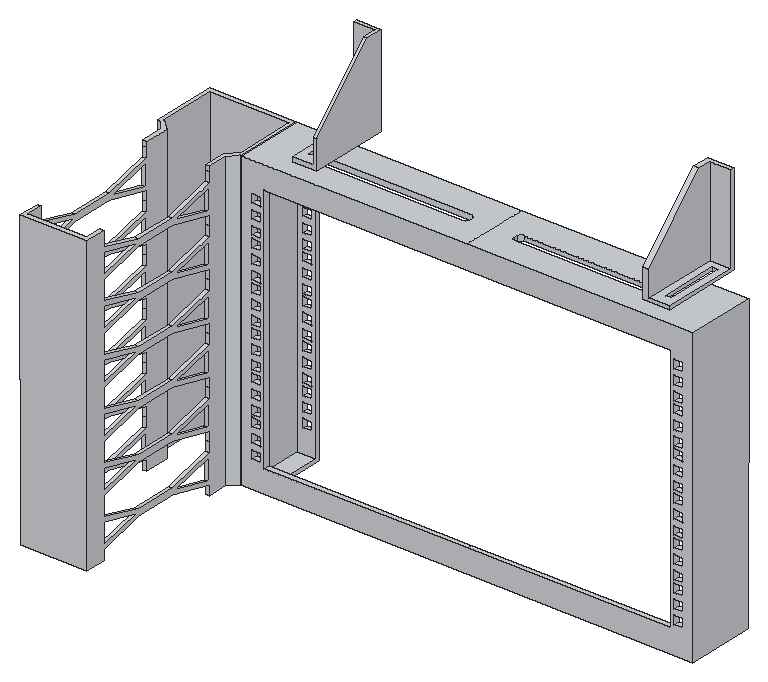
Revit family
Parameters
  Material ID = "760169599"
  Description = "KIT, OVERHEAD RACK/VCM, 6U"
Reference planes (in)
  plane 1 "Center (Front/Back)": y = 0
  plane 2: z = 0
  plane 3 "Center (Left/Right)": x = 0
Forms (in)
  Extrusion 1, solid
    sketch origin (0, 0, 0) x (1, 0, 0) y (0, 0, 1)
      loop
        line (0, 0) -> (9.86, 0) -> (9.86, 12.88) -> (0, 12.88) -> (-9.86, 12.88) -> (-9.86, 0) -> (0, 0)
    from 0 to 3
  Extrusion 2, void
    sketch origin (0, 0, 0) x (1, 0, 0) y (0, 0, 1)
      loop
        line (0, 1) -> (8.86, 1) -> (8.86, 11.88) -> (0, 11.88) -> (-8.86, 11.88) -> (-8.86, 1) -> (0, 1)
    from -0.9625 to 4.16549
  Extrusion 3, void
    sketch origin (0, 0, 0) x (1, 0, 0) y (0, 0, 1)
      loop
        line (-9.65585, 12.65788) -> (-9.65585, 0.15788) -> (9.70645, 0.15788) -> (9.70645, 12.65788) -> (-9.65585, 12.65788)
    from 0.20146 to 2.73683
  Extrusion 4, void
    sketch origin (0, 0, 0) x (1, 0, 0) y (0, 0, 1)
      loop
        line (-9.3967, 1.18363) -> (-9.0167, 1.18363) -> (-9.0167, 1.56363) -> (-9.3967, 1.56363) -> (-9.3967, 1.18363)
      loop
        line (-9.3967, 1.81363) -> (-9.0167, 1.81363) -> (-9.0167, 2.19363) -> (-9.3967, 2.19363) -> (-9.3967, 1.81363)
      loop
        line (-9.3967, 2.44363) -> (-9.0167, 2.44363) -> (-9.0167, 2.82363) -> (-9.3967, 2.82363) -> (-9.3967, 2.44363)
      loop
        line (9.3967, 1.18363) -> (9.3967, 1.56363) -> (9.0167, 1.56363) -> (9.0167, 1.18363) -> (9.3967, 1.18363)
      loop
        line (9.3967, 1.81363) -> (9.3967, 2.19363) -> (9.0167, 2.19363) -> (9.0167, 1.81363) -> (9.3967, 1.81363)
      loop
        line (9.3967, 2.44363) -> (9.3967, 2.82363) -> (9.0167, 2.82363) -> (9.0167, 2.44363) -> (9.3967, 2.44363)
    from -2.26418 to 4.16549
  Extrusion 5, void
    sketch origin (0, 0, 1.75) x (1, 0, 0) y (0, 0, 1)
      loop
        line (-9.3967, 1.18363) -> (-9.0167, 1.18363) -> (-9.0167, 1.56363) -> (-9.3967, 1.56363) -> (-9.3967, 1.18363)
      loop
        line (-9.3967, 1.81363) -> (-9.0167, 1.81363) -> (-9.0167, 2.19363) -> (-9.3967, 2.19363) -> (-9.3967, 1.81363)
      loop
        line (-9.3967, 2.44363) -> (-9.0167, 2.44363) -> (-9.0167, 2.82363) -> (-9.3967, 2.82363) -> (-9.3967, 2.44363)
      loop
        line (9.3967, 1.18363) -> (9.3967, 1.56363) -> (9.0167, 1.56363) -> (9.0167, 1.18363) -> (9.3967, 1.18363)
      loop
        line (9.3967, 1.81363) -> (9.3967, 2.19363) -> (9.0167, 2.19363) -> (9.0167, 1.81363) -> (9.3967, 1.81363)
      loop
        line (9.3967, 2.44363) -> (9.3967, 2.82363) -> (9.0167, 2.82363) -> (9.0167, 2.44363) -> (9.3967, 2.44363)
    from -2.26418 to 4.16549
  Extrusion 6, void
    sketch origin (0, 0, 3.5) x (1, 0, 0) y (0, 0, 1)
      loop
        line (-9.3967, 1.18363) -> (-9.0167, 1.18363) -> (-9.0167, 1.56363) -> (-9.3967, 1.56363) -> (-9.3967, 1.18363)
      loop
        line (-9.3967, 1.81363) -> (-9.0167, 1.81363) -> (-9.0167, 2.19363) -> (-9.3967, 2.19363) -> (-9.3967, 1.81363)
      loop
        line (-9.3967, 2.44363) -> (-9.0167, 2.44363) -> (-9.0167, 2.82363) -> (-9.3967, 2.82363) -> (-9.3967, 2.44363)
      loop
        line (9.3967, 1.18363) -> (9.3967, 1.56363) -> (9.0167, 1.56363) -> (9.0167, 1.18363) -> (9.3967, 1.18363)
      loop
        line (9.3967, 1.81363) -> (9.3967, 2.19363) -> (9.0167, 2.19363) -> (9.0167, 1.81363) -> (9.3967, 1.81363)
      loop
        line (9.3967, 2.44363) -> (9.3967, 2.82363) -> (9.0167, 2.82363) -> (9.0167, 2.44363) -> (9.3967, 2.44363)
    from -2.26418 to 4.16549
  Extrusion 7, void
    sketch origin (0, 0, 5.25) x (1, 0, 0) y (0, 0, 1)
      loop
        line (-9.3967, 1.18363) -> (-9.0167, 1.18363) -> (-9.0167, 1.56363) -> (-9.3967, 1.56363) -> (-9.3967, 1.18363)
      loop
        line (-9.3967, 1.81363) -> (-9.0167, 1.81363) -> (-9.0167, 2.19363) -> (-9.3967, 2.19363) -> (-9.3967, 1.81363)
      loop
        line (-9.3967, 2.44363) -> (-9.0167, 2.44363) -> (-9.0167, 2.82363) -> (-9.3967, 2.82363) -> (-9.3967, 2.44363)
      loop
        line (9.3967, 1.18363) -> (9.3967, 1.56363) -> (9.0167, 1.56363) -> (9.0167, 1.18363) -> (9.3967, 1.18363)
      loop
        line (9.3967, 1.81363) -> (9.3967, 2.19363) -> (9.0167, 2.19363) -> (9.0167, 1.81363) -> (9.3967, 1.81363)
      loop
        line (9.3967, 2.44363) -> (9.3967, 2.82363) -> (9.0167, 2.82363) -> (9.0167, 2.44363) -> (9.3967, 2.44363)
    from -2.26418 to 4.16549
  Extrusion 8, void
    sketch origin (0, 0, 7) x (1, 0, 0) y (0, 0, 1)
      loop
        line (-9.3967, 1.18363) -> (-9.0167, 1.18363) -> (-9.0167, 1.56363) -> (-9.3967, 1.56363) -> (-9.3967, 1.18363)
      loop
        line (-9.3967, 1.81363) -> (-9.0167, 1.81363) -> (-9.0167, 2.19363) -> (-9.3967, 2.19363) -> (-9.3967, 1.81363)
      loop
        line (-9.3967, 2.44363) -> (-9.0167, 2.44363) -> (-9.0167, 2.82363) -> (-9.3967, 2.82363) -> (-9.3967, 2.44363)
      loop
        line (9.3967, 1.18363) -> (9.3967, 1.56363) -> (9.0167, 1.56363) -> (9.0167, 1.18363) -> (9.3967, 1.18363)
      loop
        line (9.3967, 1.81363) -> (9.3967, 2.19363) -> (9.0167, 2.19363) -> (9.0167, 1.81363) -> (9.3967, 1.81363)
      loop
        line (9.3967, 2.44363) -> (9.3967, 2.82363) -> (9.0167, 2.82363) -> (9.0167, 2.44363) -> (9.3967, 2.44363)
    from -2.26418 to 4.16549
  Extrusion 9, void
    sketch origin (0, 0, 8.75) x (1, 0, 0) y (0, 0, 1)
      loop
        line (-9.3967, 1.18363) -> (-9.0167, 1.18363) -> (-9.0167, 1.56363) -> (-9.3967, 1.56363) -> (-9.3967, 1.18363)
      loop
        line (-9.3967, 1.81363) -> (-9.0167, 1.81363) -> (-9.0167, 2.19363) -> (-9.3967, 2.19363) -> (-9.3967, 1.81363)
      loop
        line (-9.3967, 2.44363) -> (-9.0167, 2.44363) -> (-9.0167, 2.82363) -> (-9.3967, 2.82363) -> (-9.3967, 2.44363)
      loop
        line (9.3967, 1.18363) -> (9.3967, 1.56363) -> (9.0167, 1.56363) -> (9.0167, 1.18363) -> (9.3967, 1.18363)
      loop
        line (9.3967, 1.81363) -> (9.3967, 2.19363) -> (9.0167, 2.19363) -> (9.0167, 1.81363) -> (9.3967, 1.81363)
      loop
        line (9.3967, 2.44363) -> (9.3967, 2.82363) -> (9.0167, 2.82363) -> (9.0167, 2.44363) -> (9.3967, 2.44363)
    from -2.26418 to 4.16549
  Extrusion 10, void
    sketch origin (0, 0, 0) x (1, 0, 0) y (0, 1, 0)
      loop
        line (-8.86, 1) -> (-8.86, -2.5) -> (8.86, -2.5) -> (8.86, 1) -> (-8.86, 1)
    from 0 to 5.49301
  Extrusion 11, void
    sketch origin (9.86, 0, 12.88) x (0, -1, 0) y (-1, 0, 0)
      loop
        arc (1.81848, 17.8975) -> (1.76529, 18.02591) -> (1.63689, 18.0791) r 0.18159
        line (1.63689, 18.0791) -> (1.50791, 18.0791)
        arc (1.50791, 18.0791) -> (1.37396, 18.02361) -> (1.31848, 17.88966) r 0.18943
        line (1.31848, 17.88966) -> (1.31848, 10.99848)
        arc (1.31848, 10.99848) -> (1.36809, 10.87871) -> (1.48786, 10.8291) r 0.16938
        line (1.48786, 10.8291) -> (1.65329, 10.8291)
        arc (1.65329, 10.8291) -> (1.7701, 10.87748) -> (1.81848, 10.99429) r 0.16519
        line (1.81848, 10.99429) -> (1.81848, 17.8975)
    from 0 to 4.31637
  Extrusion 12, void
    sketch origin (-9.86, 0, 12.88) x (0, 1, 0) y (1, 0, 0)
      loop
        line (-1.81848, 17.8975) -> (-1.81848, 10.99429)
        arc (-1.81848, 10.99429) -> (-1.7701, 10.87748) -> (-1.65329, 10.8291) r 0.16519
        line (-1.65329, 10.8291) -> (-1.48786, 10.8291)
        arc (-1.48786, 10.8291) -> (-1.36809, 10.87871) -> (-1.31848, 10.99848) r 0.16938
        line (-1.31848, 10.99848) -> (-1.31848, 17.88966)
        arc (-1.31848, 17.88966) -> (-1.37396, 18.02361) -> (-1.50791, 18.0791) r 0.18943
        line (-1.50791, 18.0791) -> (-1.63689, 18.0791)
        arc (-1.63689, 18.0791) -> (-1.76529, 18.02591) -> (-1.81848, 17.8975) r 0.18159
    from 0 to 4.31637
  Extrusion 13, solid
    sketch origin (0, 0, 0) x (0, 1, 0) y (0, 0, 1)
      loop
        line (-2.23683, 12.88) -> (1.26317, 12.88) -> (1.26317, 16.88) -> (0.51317, 16.88) -> (-2.23683, 14.13) -> (-2.23683, 12.88)
    from -8.2191 to 8.2191
  Extrusion 14, void
    sketch origin (0, 0, 0) x (1, 0, 0) y (0, 0, 1)
      loop
        line (-7.18377, 12.88) -> (7.06623, 12.88) -> (7.06623, 17.88) -> (-7.18377, 17.88) -> (-7.18377, 12.88)
    from -4.76144 to 6.18788
  Extrusion 15, void
    sketch origin (9.86, 0, 12.88) x (0, -1, 0) y (-1, 0, 0)
      loop
        line (2.23683, 18.0791) -> (-1.10015, 18.0791) -> (-1.10015, 17.16957) -> (2.23683, 17.16957) -> (2.23683, 18.0791)
    from -0.2041 to -5.69754
  Extrusion 16, void
    sketch origin (-9.86, 0, 12.88) x (0, 1, 0) y (1, 0, 0)
      loop
        line (-2.23683, 18.0791) -> (-2.23683, 17.16957) -> (1.10015, 17.16957) -> (1.10015, 18.0791) -> (-2.23683, 18.0791)
    from -0.13877 to -5.69754
  Extrusion 17, void
    sketch origin (9.86, 0, 12.88) x (0, -1, 0) y (-1, 0, 0)
      loop
        line (1.74171, 17.76349) -> (-0.75829, 17.76349) -> (-0.75829, 17.51349) -> (1.74171, 17.51349) -> (1.74171, 17.76349)
    from 0 to -2.34506
  Extrusion 18, void
    sketch origin (-9.86, 0, 12.88) x (0, 1, 0) y (1, 0, 0)
      loop
        line (-1.74171, 17.76349) -> (-1.74171, 17.51349) -> (0.75829, 17.51349) -> (0.75829, 17.76349) -> (-1.74171, 17.76349)
    from 0 to -2.34506
  Extrusion 19, solid
    sketch origin (0, 0, 0) x (1, 0, 0) y (0, 0, 1)
      loop
        line (-9.86, 12.88) -> (-13.64, 12.88) -> (-13.64, 0) -> (-9.86, 0) -> (-9.86, 12.88)
    from 0 to 10.93
  Extrusion 20, void
    sketch origin (-7.86668, 0, 12.88) x (0, -1, 0) y (-1, 0, 0)
      loop
        line (0.2129, 5.58022) -> (0.2129, 2.13332) -> (2.75, 2.13332) -> (3.26705, 2.55538) -> (10.7129, 2.55538) -> (10.7129, 5.12809) -> (3.16503, 5.12809) -> (2.7129, 5.58022) -> (0.2129, 5.58022)
      loop
        line (3, 2.06431) -> (3, 1.38344) -> (11.39095, 1.38344) -> (11.39095, 2.38344) -> (3.39095, 2.38344) -> (3, 2.06431)
      loop
        line (2.85062, 5.60641) -> (3.24157, 5.28729) -> (11.24157, 5.28729) -> (11.24157, 6.28729) -> (2.85062, 6.28729) -> (2.85062, 5.60641)
    from 0 to 13.96951
  Extrusion 21, void
    sketch origin (-10.25012, -3.39095, 12.88) x (0, 1, 0) y (0, 0, -1)
      loop
        line (-6.60905, 12.88) -> (-6.60905, 12.46736) -> (-4.72512, 11.95356) -> (-2.86788, 11.95356) -> (-0.85905, 12.45577) -> (-0.85905, 12.88) -> (-6.60905, 12.88)
      loop
        line (-2.7197, 11.83605) -> (-0.88944, 11.37848) -> (-0.88944, 12.29361) -> (-2.7197, 11.83605)
      loop
        line (-4.77878, 11.83367) -> (-6.60905, 12.29124) -> (-6.60905, 11.3761) -> (-4.77878, 11.83367)
      loop
        line (-6.60905, 10.76882) -> (-6.60905, 10.35618) -> (-4.72512, 9.84238) -> (-2.86788, 9.84238) -> (-0.85905, 10.34459) -> (-0.85905, 10.76882) -> (-0.85905, 11.19306) -> (-2.86788, 11.69526) -> (-4.72512, 11.69526) -> (-6.60905, 11.18146) -> (-6.60905, 10.76882)
      loop
        line (-2.7197, 9.72487) -> (-0.88944, 9.2673) -> (-0.88944, 10.18244) -> (-2.7197, 9.72487)
      loop
        line (-4.77878, 9.72249) -> (-6.60905, 10.18006) -> (-6.60905, 9.26492) -> (-4.77878, 9.72249)
      loop
        line (-6.60905, 8.65764) -> (-6.60905, 8.245) -> (-4.72512, 7.7312) -> (-2.86788, 7.7312) -> (-0.85905, 8.23341) -> (-0.85905, 8.65764) -> (-0.85905, 9.08188) -> (-2.86788, 9.58408) -> (-4.72512, 9.58408) -> (-6.60905, 9.07029) -> (-6.60905, 8.65764)
      loop
        line (-2.7197, 7.61369) -> (-0.88944, 7.15612) -> (-0.88944, 8.07126) -> (-2.7197, 7.61369)
      loop
        line (-4.77878, 7.61131) -> (-6.60905, 8.06888) -> (-6.60905, 7.15375) -> (-4.77878, 7.61131)
      loop
        line (-6.60905, 6.54646) -> (-6.60905, 6.13382) -> (-4.72512, 5.62002) -> (-2.86788, 5.62002) -> (-0.85905, 6.12223) -> (-0.85905, 6.54646) -> (-0.85905, 6.9707) -> (-2.86788, 7.47291) -> (-4.72512, 7.47291) -> (-6.60905, 6.95911) -> (-6.60905, 6.54646)
      loop
        line (-2.7197, 5.50251) -> (-0.88944, 5.04495) -> (-0.88944, 5.96008) -> (-2.7197, 5.50251)
      loop
        line (-4.77878, 5.50013) -> (-6.60905, 5.9577) -> (-6.60905, 5.04257) -> (-4.77878, 5.50013)
      loop
        line (-6.60905, 4.43528) -> (-6.60905, 4.02264) -> (-4.72512, 3.50884) -> (-2.86788, 3.50884) -> (-0.85905, 4.01105) -> (-0.85905, 4.43528) -> (-0.85905, 4.85952) -> (-2.86788, 5.36173) -> (-4.72512, 5.36173) -> (-6.60905, 4.84793) -> (-6.60905, 4.43528)
      loop
        line (-2.7197, 3.39133) -> (-0.88944, 2.93377) -> (-0.88944, 3.8489) -> (-2.7197, 3.39133)
      loop
        line (-4.77878, 3.38895) -> (-6.60905, 3.84652) -> (-6.60905, 2.93139) -> (-4.77878, 3.38895)
      loop
        line (-6.60905, 2.32411) -> (-6.60905, 1.91146) -> (-4.72512, 1.39766) -> (-2.86788, 1.39766) -> (-0.85905, 1.89987) -> (-0.85905, 2.32411) -> (-0.85905, 2.74834) -> (-2.86788, 3.25055) -> (-4.72512, 3.25055) -> (-6.60905, 2.73675) -> (-6.60905, 2.32411)
      loop
        line (-2.7197, 1.28015) -> (-0.88944, 0.82259) -> (-0.88944, 1.73772) -> (-2.7197, 1.28015)
      loop
        line (-4.77878, 1.27778) -> (-6.60905, 1.73534) -> (-6.60905, 0.82021) -> (-4.77878, 1.27778)
      loop
        line (-6.60905, 0.21293) -> (-6.60905, -0.19972) -> (-4.72512, -0.71351) -> (-2.86788, -0.71351) -> (-0.85905, -0.21131) -> (-0.85905, 0.21293) -> (-0.85905, 0.63716) -> (-2.86788, 1.13937) -> (-4.72512, 1.13937) -> (-6.60905, 0.62557) -> (-6.60905, 0.21293)
    from 0 to 12
Cuts and joins
  Extrusion 2, Extrusion 3, Extrusion 4, Extrusion 5, Extrusion 6, Extrusion 7, Extrusion 8, Extrusion 9, Extrusion 10, Extrusion 11, Extrusion 12, Extrusion 14, Extrusion 15, Extrusion 16, Extrusion 17, Extrusion 18 cuts Extrusion 1
  Extrusion 14, Extrusion 15, Extrusion 16, Extrusion 17, Extrusion 18 cuts Extrusion 13
  Extrusion 20, Extrusion 21 cuts Extrusion 19
Dimensions and locks (in)
  equal spacing: group 1, group 2, group 3, group 4, group 5, group 6  (x3)
